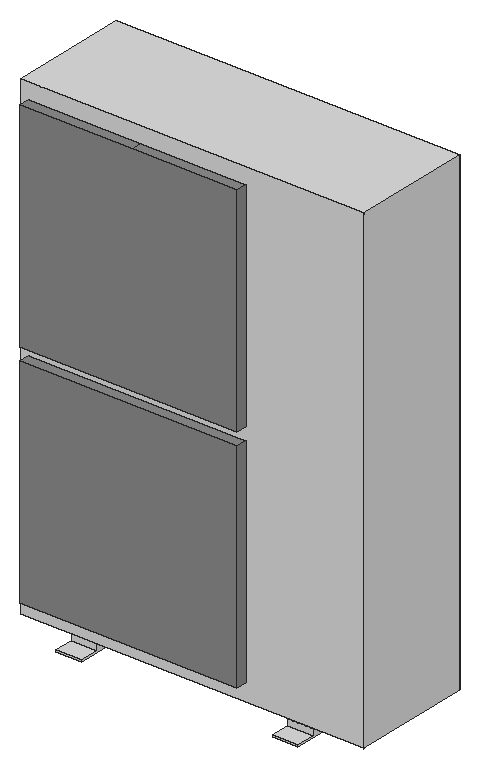
Revit family "Platinum_BC_iPlus_16_MR", category Equipos mecánicos, Revit 2019 (continued)
Lines and regions (mm)
  model lines, not visible
    curve 240: arc (-475, 25, 917) -> (-475, 27.05, 912.05) -> (-475, 32, 910) r 7
    curve 241: arc (-475, 48, 910) -> (-475, 52.95, 912.05) -> (-475, 55, 917) r 7
    curve 242: line (-475, 88, 1100) -> (-475, 72, 1100)
    curve 243: line (-475, 65, 1093) -> (-475, 65, 917)
    curve 244: line (-475, 95, 917) -> (-475, 95, 1093)
    curve 245: line (-475, 72, 910) -> (-475, 88, 910)
    curve 246: arc (-475, 72, 1100) -> (-475, 67.05, 1097.95) -> (-475, 65, 1093) r 7
    curve 247: arc (-475, 95, 1093) -> (-475, 92.95, 1097.95) -> (-475, 88, 1100) r 7
    curve 248: arc (-475, 65, 917) -> (-475, 67.05, 912.05) -> (-475, 72, 910) r 7
    curve 249: arc (-475, 88, 910) -> (-475, 92.95, 912.05) -> (-475, 95, 917) r 7
    curve 250: line (-475, -32, 900) -> (-475, -48, 900)
    curve 251: line (-475, -55, 893) -> (-475, -55, 717)
    curve 252: line (-475, -25, 717) -> (-475, -25, 893)
    curve 253: line (-475, -48, 710) -> (-475, -32, 710)
    curve 254: arc (-475, -48, 900) -> (-475, -52.95, 897.95) -> (-475, -55, 893) r 7
    curve 255: arc (-475, -25, 893) -> (-475, -27.05, 897.95) -> (-475, -32, 900) r 7
    curve 256: arc (-475, -55, 717) -> (-475, -52.95, 712.05) -> (-475, -48, 710) r 7
    curve 257: arc (-475, -32, 710) -> (-475, -27.05, 712.05) -> (-475, -25, 717) r 7
    curve 258: line (-475, 8, 900) -> (-475, -8, 900)
    curve 259: line (-475, -15, 893) -> (-475, -15, 717)
    curve 260: line (-475, 15, 717) -> (-475, 15, 893)
    curve 261: line (-475, -8, 710) -> (-475, 8, 710)
    curve 262: arc (-475, -8, 900) -> (-475, -12.95, 897.95) -> (-475, -15, 893) r 7
    curve 263: arc (-475, 15, 893) -> (-475, 12.95, 897.95) -> (-475, 8, 900) r 7
    curve 264: arc (-475, -15, 717) -> (-475, -12.95, 712.05) -> (-475, -8, 710) r 7
    curve 265: arc (-475, 8, 710) -> (-475, 12.95, 712.05) -> (-475, 15, 717) r 7
    curve 266: line (-475, 48, 900) -> (-475, 32, 900)
    curve 267: line (-475, 25, 893) -> (-475, 25, 717)
    curve 268: line (-475, 55, 717) -> (-475, 55, 893)
    curve 269: line (-475, 32, 710) -> (-475, 48, 710)
    curve 270: arc (-475, 32, 900) -> (-475, 27.05, 897.95) -> (-475, 25, 893) r 7
    curve 271: arc (-475, 55, 893) -> (-475, 52.95, 897.95) -> (-475, 48, 900) r 7
    curve 272: arc (-475, 25, 717) -> (-475, 27.05, 712.05) -> (-475, 32, 710) r 7
    curve 273: arc (-475, 48, 710) -> (-475, 52.95, 712.05) -> (-475, 55, 717) r 7
    curve 274: line (-475, 88, 900) -> (-475, 72, 900)
    curve 275: line (-475, 65, 893) -> (-475, 65, 717)
    curve 276: line (-475, 95, 717) -> (-475, 95, 893)
    curve 277: line (-475, 72, 710) -> (-475, 88, 710)
    curve 278: arc (-475, 72, 900) -> (-475, 67.05, 897.95) -> (-475, 65, 893) r 7
    curve 279: arc (-475, 95, 893) -> (-475, 92.95, 897.95) -> (-475, 88, 900) r 7
    curve 280: arc (-475, 65, 717) -> (-475, 67.05, 712.05) -> (-475, 72, 710) r 7
    curve 281: arc (-475, 88, 710) -> (-475, 92.95, 712.05) -> (-475, 95, 717) r 7
    curve 282: line (-475, -32, 700) -> (-475, -48, 700)
    curve 283: line (-475, -55, 693) -> (-475, -55, 517)
    curve 284: line (-475, -25, 517) -> (-475, -25, 693)
    curve 285: line (-475, -48, 510) -> (-475, -32, 510)
    curve 286: arc (-475, -48, 700) -> (-475, -52.95, 697.95) -> (-475, -55, 693) r 7
    curve 287: arc (-475, -25, 693) -> (-475, -27.05, 697.95) -> (-475, -32, 700) r 7
    curve 288: arc (-475, -55, 517) -> (-475, -52.95, 512.05) -> (-475, -48, 510) r 7
    curve 289: arc (-475, -32, 510) -> (-475, -27.05, 512.05) -> (-475, -25, 517) r 7
    curve 290: line (-475, 8, 700) -> (-475, -8, 700)
    curve 291: line (-475, -15, 693) -> (-475, -15, 517)
    curve 292: line (-475, 15, 517) -> (-475, 15, 693)
    curve 293: line (-475, -8, 510) -> (-475, 8, 510)
    curve 294: arc (-475, -8, 700) -> (-475, -12.95, 697.95) -> (-475, -15, 693) r 7
    curve 295: arc (-475, 15, 693) -> (-475, 12.95, 697.95) -> (-475, 8, 700) r 7
    curve 296: arc (-475, -15, 517) -> (-475, -12.95, 512.05) -> (-475, -8, 510) r 7
    curve 297: arc (-475, 8, 510) -> (-475, 12.95, 512.05) -> (-475, 15, 517) r 7
    curve 298: line (-475, 48, 700) -> (-475, 32, 700)
    curve 299: line (-475, 25, 693) -> (-475, 25, 517)
    curve 300: line (-475, 55, 517) -> (-475, 55, 693)
    curve 301: line (-475, 32, 510) -> (-475, 48, 510)
    curve 302: arc (-475, 32, 700) -> (-475, 27.05, 697.95) -> (-475, 25, 693) r 7
    curve 303: arc (-475, 55, 693) -> (-475, 52.95, 697.95) -> (-475, 48, 700) r 7
    curve 304: arc (-475, 25, 517) -> (-475, 27.05, 512.05) -> (-475, 32, 510) r 7
    curve 305: arc (-475, 48, 510) -> (-475, 52.95, 512.05) -> (-475, 55, 517) r 7
    curve 306: line (-475, -32, 500) -> (-475, -48, 500)
    curve 307: line (-475, -55, 493) -> (-475, -55, 317)
    curve 308: line (-475, -25, 317) -> (-475, -25, 493)
    curve 309: line (-475, -48, 310) -> (-475, -32, 310)
    curve 310: arc (-475, -48, 500) -> (-475, -52.95, 497.95) -> (-475, -55, 493) r 7
    curve 311: arc (-475, -25, 493) -> (-475, -27.05, 497.95) -> (-475, -32, 500) r 7
    curve 312: arc (-475, -55, 317) -> (-475, -52.95, 312.05) -> (-475, -48, 310) r 7
    curve 313: arc (-475, -32, 310) -> (-475, -27.05, 312.05) -> (-475, -25, 317) r 7
    curve 314: line (-475, 8, 500) -> (-475, -8, 500)
    curve 315: line (-475, -15, 493) -> (-475, -15, 317)
    curve 316: line (-475, 15, 317) -> (-475, 15, 493)
    curve 317: line (-475, -8, 310) -> (-475, 8, 310)
    curve 318: arc (-475, -8, 500) -> (-475, -12.95, 497.95) -> (-475, -15, 493) r 7
    curve 319: arc (-475, 15, 493) -> (-475, 12.95, 497.95) -> (-475, 8, 500) r 7
    curve 320: arc (-475, -15, 317) -> (-475, -12.95, 312.05) -> (-475, -8, 310) r 7
    curve 321: arc (-475, 8, 310) -> (-475, 12.95, 312.05) -> (-475, 15, 317) r 7
    curve 322: line (-475, 48, 500) -> (-475, 32, 500)
    curve 323: line (-475, 25, 493) -> (-475, 25, 317)
    curve 324: line (-475, 55, 317) -> (-475, 55, 493)
    curve 325: line (-475, 32, 310) -> (-475, 48, 310)
    curve 326: arc (-475, 32, 500) -> (-475, 27.05, 497.95) -> (-475, 25, 493) r 7
    curve 327: arc (-475, 55, 493) -> (-475, 52.95, 497.95) -> (-475, 48, 500) r 7
    curve 328: arc (-475, 25, 317) -> (-475, 27.05, 312.05) -> (-475, 32, 310) r 7
    curve 329: arc (-475, 48, 310) -> (-475, 52.95, 312.05) -> (-475, 55, 317) r 7
    curve 330: line (-475, 88, 500) -> (-475, 72, 500)
    curve 331: line (-475, 65, 493) -> (-475, 65, 317)
    curve 332: line (-475, 95, 317) -> (-475, 95, 493)
    curve 333: line (-475, 72, 310) -> (-475, 88, 310)
    curve 334: arc (-475, 72, 500) -> (-475, 67.05, 497.95) -> (-475, 65, 493) r 7
    curve 335: arc (-475, 95, 493) -> (-475, 92.95, 497.95) -> (-475, 88, 500) r 7
    curve 336: arc (-475, 65, 317) -> (-475, 67.05, 312.05) -> (-475, 72, 310) r 7
    curve 337: arc (-475, 88, 310) -> (-475, 92.95, 312.05) -> (-475, 95, 317) r 7
    curve 338: line (-475, -32, 300) -> (-475, -48, 300)
    curve 339: line (-475, -55, 293) -> (-475, -55, 117)
    curve 340: line (-475, -25, 117) -> (-475, -25, 293)
    curve 341: line (-475, -48, 110) -> (-475, -32, 110)
    curve 342: arc (-475, -48, 300) -> (-475, -52.95, 297.95) -> (-475, -55, 293) r 7
    curve 343: arc (-475, -25, 293) -> (-475, -27.05, 297.95) -> (-475, -32, 300) r 7
    curve 344: arc (-475, -55, 117) -> (-475, -52.95, 112.05) -> (-475, -48, 110) r 7
    curve 345: arc (-475, -32, 110) -> (-475, -27.05, 112.05) -> (-475, -25, 117) r 7
    curve 346: line (-475, 8, 300) -> (-475, -8, 300)
    curve 347: line (-475, -15, 293) -> (-475, -15, 117)
    curve 348: line (-475, 15, 117) -> (-475, 15, 293)
    curve 349: line (-475, -8, 110) -> (-475, 8, 110)
    curve 350: arc (-475, -8, 300) -> (-475, -12.95, 297.95) -> (-475, -15, 293) r 7
    curve 351: arc (-475, 15, 293) -> (-475, 12.95, 297.95) -> (-475, 8, 300) r 7
    curve 352: arc (-475, -15, 117) -> (-475, -12.95, 112.05) -> (-475, -8, 110) r 7
    curve 353: arc (-475, 8, 110) -> (-475, 12.95, 112.05) -> (-475, 15, 117) r 7
    curve 354: line (-475, 48, 300) -> (-475, 32, 300)
    curve 355: line (-475, 25, 293) -> (-475, 25, 117)
    curve 356: line (-475, 55, 117) -> (-475, 55, 293)
    curve 357: line (-475, 32, 110) -> (-475, 48, 110)
    curve 358: arc (-475, 32, 300) -> (-475, 27.05, 297.95) -> (-475, 25, 293) r 7
    curve 359: arc (-475, 55, 293) -> (-475, 52.95, 297.95) -> (-475, 48, 300) r 7
    curve 360: arc (-475, 25, 117) -> (-475, 27.05, 112.05) -> (-475, 32, 110) r 7
    curve 361: arc (-475, 48, 110) -> (-475, 52.95, 112.05) -> (-475, 55, 117) r 7
    curve 362: line (-475, 88, 300) -> (-475, 72, 300)
    curve 363: line (-475, 65, 293) -> (-475, 65, 117)
    curve 364: line (-475, 95, 117) -> (-475, 95, 293)
    curve 365: line (-475, 72, 110) -> (-475, 88, 110)
    curve 366: arc (-475, 72, 300) -> (-475, 67.05, 297.95) -> (-475, 65, 293) r 7
    curve 367: arc (-475, 95, 293) -> (-475, 92.95, 297.95) -> (-475, 88, 300) r 7
    curve 368: arc (-475, 65, 117) -> (-475, 67.05, 112.05) -> (-475, 72, 110) r 7
    curve 369: arc (-475, 88, 110) -> (-475, 92.95, 112.05) -> (-475, 95, 117) r 7
    curve 370: line (529.5, -165, 606) -> (575, -165, 606)
    curve 371: arc (522.5, -165, 599) -> (524.55, -165, 603.95) -> (529.5, -165, 606) r 7
    curve 372: line (522.5, -165, 578) -> (522.5, -165, 599)
    curve 373: arc (529.5, -165, 571) -> (524.55, -165, 573.05) -> (522.5, -165, 578) r 7
    curve 374: line (575, -165, 571) -> (529.5, -165, 571)
    curve 375: line (575, -165, 606) -> (575, -119.5, 606)
    curve 376: arc (575, -119.5, 606) -> (575, -114.55, 603.95) -> (575, -112.5, 599) r 7
    curve 377: line (575, -112.5, 599) -> (575, -112.5, 578)
    curve 378: arc (575, -112.5, 578) -> (575, -114.55, 573.05) -> (575, -119.5, 571) r 7
    curve 379: line (575, -119.5, 571) -> (575, -165, 571)
    curve 380: line (575, 119.5, 606) -> (575, 165, 606)
    curve 381: arc (575, 112.5, 599) -> (575, 114.55, 603.95) -> (575, 119.5, 606) r 7
    curve 382: line (575, 112.5, 578) -> (575, 112.5, 599)
    curve 383: arc (575, 119.5, 571) -> (575, 114.55, 573.05) -> (575, 112.5, 578) r 7
    curve 384: line (575, 165, 571) -> (575, 119.5, 571)
    curve 385: line (529.5, 165, 606) -> (575, 165, 606)
    curve 386: arc (522.5, 165, 599) -> (524.55, 165, 603.95) -> (529.5, 165, 606) r 7
    curve 387: line (522.5, 165, 578) -> (522.5, 165, 599)
    curve 388: arc (529.5, 165, 571) -> (524.55, 165, 573.05) -> (522.5, 165, 578) r 7
    curve 389: line (575, 165, 571) -> (529.5, 165, 571)
    curve 390: line (-475, 165, 606) -> (-425.58, 165, 606)
    curve 391: arc (-425.58, 165, 606) -> (-420.63, 165, 603.95) -> (-418.58, 165, 599) r 7
    curve 392: line (-418.58, 165, 599) -> (-418.58, 165, 578)
    curve 393: arc (-418.58, 165, 578) -> (-420.63, 165, 573.05) -> (-425.58, 165, 571) r 7
    curve 394: line (-425.58, 165, 571) -> (-475, 165, 571)
    curve 395: line (-475, 119.5, 606) -> (-475, 165, 606)
    curve 396: arc (-475, 112.5, 599) -> (-475, 114.55, 603.95) -> (-475, 119.5, 606) r 7
    curve 397: line (-475, 112.5, 578) -> (-475, 112.5, 599)
    curve 398: arc (-475, 119.5, 571) -> (-475, 114.55, 573.05) -> (-475, 112.5, 578) r 7
    curve 399: line (-475, 165, 571) -> (-475, 119.5, 571)
    curve 400: line (-475, -165, 606) -> (-475, -119.5, 606)
    curve 401: arc (-475, -119.5, 606) -> (-475, -114.55, 603.95) -> (-475, -112.5, 599) r 7
    curve 402: line (-475, -112.5, 599) -> (-475, -112.5, 578)
    curve 403: arc (-475, -112.5, 578) -> (-475, -114.55, 573.05) -> (-475, -119.5, 571) r 7
    curve 404: line (-475, -119.5, 571) -> (-475, -165, 571)
    curve 405: line (-475, -165, 606) -> (-429.5, -165, 606)
    curve 406: arc (-429.5, -165, 606) -> (-424.55, -165, 603.95) -> (-422.5, -165, 599) r 7
    curve 407: line (-422.5, -165, 599) -> (-422.5, -165, 578)
    curve 408: arc (-422.5, -165, 578) -> (-424.55, -165, 573.05) -> (-429.5, -165, 571) r 7
    curve 409: line (-429.5, -165, 571) -> (-475, -165, 571)
Dimensions and locks
  "Distancia Trasera Valor": plane 8 to plane 4
  locked: plane 10 to plane 9 at 635
  locked: plane 9 to level at 371
  "Altura": plane 11 to level
  locked: plane 12 to level at 23
  "Anchura": plane 15 to plane 14
  equal spacing: plane 15, plane 3 "Center (Left/Right)", plane 14
  "Profundidad": plane 4 to plane 6
  locked: plane 16 to plane 15 at 322
  locked: Extrusion 23 to plane 17 at 600
  locked: plane 23 to level at 431
  locked: plane 24 to level at 447
  "Distancia lateral Izq. Valor": plane 26 to plane 15
  locked: plane 35 to level at 1079
  radius of Extrusion 4 sketch curve = 7.940 mm
  radius of Extrusion 3 sketch curve = 4.760 mm
  diameter of Extrusion 19 sketch curve = 15.900 mm
  diameter of Extrusion 18 sketch curve = 9.530 mm
  aligned and locked: level to plane 2
  aligned and locked: Extrusion 17 to Extrusion 21
  aligned and locked: plane 14 to Extrusion 21
  aligned and locked: plane 14 to Extrusion 17
  aligned and locked: plane 11 to Extrusion 21
  aligned and locked: Extrusion 22 to Extrusion 23  (x2)
  aligned and locked: Extrusion 22 sketch curve to Extrusion 23  (x2)
  aligned and locked: plane 13 to Extrusion 23
  aligned and locked: plane 13 to Extrusion 22
  aligned and locked: plane 17 to Extrusion 23  (x2)
  aligned and locked: plane 17 to Extrusion 22
  aligned and locked: nested 2 to plane 18
  aligned and locked: nested 1 to plane 19
  aligned and locked: plane 6 to Extrusion 24
  aligned and locked: curve 618 to curve 432
  aligned and locked: curve 1 to curve 618
  aligned and locked: curve 1 to curve 688
  aligned and locked: plane 12 to Extrusion 25
  aligned and locked: plane 3 "Center (Left/Right)" to nested 3
  aligned and locked: nested 3 to plane 4
Automatic sketch dimensions
  plane 28 to curve 749 = 4.288 mm
  plane 28 to curve 747 = 2.288 mm
  curve 751 to curve 751 = 2.000 mm
  curve 756 to plane 25 = 5.712 mm
  curve 752 to plane 25 = 5.712 mm
  curve 753 to curve 754 = 2.000 mm
  plane 24 to curve 747 = 210.158 mm
  curve 755 to curve 754 = 5.158 mm
  curve 749 to curve 750 = 5.158 mm
  curve 754 to curve 754 = 20.842 mm
  plane 17 to curve 411 = 14.846 mm
  curve 411 to plane 11 = 12.000 mm
  plane 12 to curve 411 = 3.000 mm
  curve 1 to plane 15 = 0.000 mm
  curve 1 to plane 14 = 0.000 mm
  curve 618 to plane 6 = 0.000 mm
  curve 433 to plane 12 = 0.000 mm
  curve 618 to plane 4 = 0.000 mm
  curve 434 to plane 11 = 27.937 mm
  plane 7 to curve 434 = 54.000 mm
  plane 7 to curve 714 = 54.000 mm
  curve 575 to curve 714 = 0.000 mm
  curve 543 to curve 575 = 0.000 mm
  curve 519 to curve 543 = 0.000 mm
  curve 487 to curve 522 = 0.000 mm
  curve 455 to curve 487 = 0.000 mm
  curve 546 to curve 542 = 7.000 mm
  curve 524 to curve 524 = 7.000 mm
  curve 548 to curve 545 = 7.000 mm
  curve 719 to curve 719 = 7.000 mm
  curve 490 to curve 490 = 7.000 mm
  curve 717 to curve 717 = 7.000 mm
  curve 492 to curve 489 = 7.000 mm
  curve 434 to curve 436 = 7.000 mm
  curve 522 to curve 522 = 7.000 mm
  curve 458 to curve 454 = 7.000 mm
  curve 578 to curve 574 = 7.000 mm
  curve 460 to curve 457 = 7.000 mm
  curve 580 to curve 577 = 7.000 mm
  curve 434 to curve 606 = 7.000 mm
  curve 492 to curve 493 = 16.000 mm
  curve 606 to curve 606 = 16.000 mm
  curve 580 to curve 581 = 16.000 mm
  curve 460 to curve 461 = 16.000 mm
  curve 437 to curve 438 = 16.000 mm
  curve 486 to curve 457 = 0.000 mm
  curve 518 to curve 489 = 0.000 mm
  curve 578 to curve 579 = 16.000 mm
  curve 548 to curve 549 = 16.000 mm
  curve 458 to curve 459 = 16.000 mm
  curve 524 to curve 521 = 16.000 mm
  curve 713 to curve 581 = 0.000 mm
  curve 719 to curve 716 = 16.000 mm
  curve 546 to curve 547 = 16.000 mm
  curve 549 to curve 544 = 7.000 mm
  curve 581 to curve 576 = 7.000 mm
  curve 523 to curve 520 = 7.000 mm
  curve 459 to curve 456 = 7.000 mm
  curve 493 to curve 488 = 7.000 mm
  curve 720 to curve 715 = 7.000 mm
  curve 608 to curve 435 = 7.000 mm
  curve 525 to curve 527 = 10.000 mm
  curve 435 to curve 439 = 10.000 mm
  curve 576 to curve 583 = 10.000 mm
  curve 544 to curve 551 = 10.000 mm
  curve 456 to curve 463 = 10.000 mm
  curve 715 to curve 706 = 10.000 mm
  curve 488 to curve 495 = 10.000 mm
  curve 439 to curve 610 = 7.000 mm
  curve 463 to curve 468 = 7.000 mm
  plane 1 "Center (Front/Back)" to curve 529 = 8.000 mm
  curve 527 to curve 530 = 7.000 mm
  curve 583 to curve 586 = 7.000 mm
  curve 463 to curve 466 = 7.000 mm
  curve 551 to curve 556 = 7.000 mm
  curve 495 to curve 500 = 7.000 mm
  plane 1 "Center (Front/Back)" to curve 441 = 8.000 mm
  curve 495 to curve 498 = 7.000 mm
  curve 706 to curve 711 = 7.000 mm
  plane 1 "Center (Front/Back)" to curve 550 = 8.000 mm
  plane 1 "Center (Front/Back)" to curve 585 = 8.000 mm
  curve 706 to curve 709 = 7.000 mm
  curve 553 to plane 1 "Center (Front/Back)" = 8.000 mm
  curve 705 to plane 1 "Center (Front/Back)" = 8.000 mm
  curve 708 to plane 1 "Center (Front/Back)" = 8.000 mm
  curve 587 to plane 1 "Center (Front/Back)" = 8.000 mm
  curve 550 to plane 1 "Center (Front/Back)" = 8.000 mm
  curve 441 to plane 1 "Center (Front/Back)" = 8.000 mm
  curve 589 to plane 1 "Center (Front/Back)" = 8.000 mm
  curve 526 to plane 1 "Center (Front/Back)" = 8.000 mm
  curve 467 to plane 1 "Center (Front/Back)" = 8.000 mm
  curve 611 to plane 1 "Center (Front/Back)" = 8.000 mm
  curve 465 to plane 1 "Center (Front/Back)" = 8.000 mm
  curve 529 to plane 1 "Center (Front/Back)" = 8.000 mm
  curve 501 to plane 1 "Center (Front/Back)" = 8.000 mm
  curve 499 to plane 1 "Center (Front/Back)" = 8.000 mm
  curve 587 to curve 584 = 7.000 mm
  curve 710 to curve 707 = 7.000 mm
  curve 555 to curve 552 = 7.000 mm
  curve 467 to curve 464 = 7.000 mm
  curve 611 to curve 440 = 7.000 mm
  curve 531 to curve 528 = 7.000 mm
  curve 501 to curve 496 = 7.000 mm
  curve 707 to curve 698 = 10.000 mm
  curve 440 to curve 444 = 10.000 mm
  curve 584 to curve 591 = 10.000 mm
  curve 496 to curve 503 = 10.000 mm
  curve 528 to curve 535 = 10.000 mm
  curve 464 to curve 471 = 10.000 mm
  curve 552 to curve 559 = 10.000 mm
  curve 559 to curve 558 = 7.000 mm
  curve 503 to curve 506 = 7.000 mm
  curve 447 to curve 446 = 7.000 mm
  curve 508 to curve 505 = 7.000 mm
  curve 559 to curve 561 = 7.000 mm
  curve 591 to curve 590 = 7.000 mm
  curve 698 to curve 703 = 7.000 mm
  curve 476 to curve 473 = 7.000 mm
  curve 698 to curve 701 = 7.000 mm
  curve 471 to curve 474 = 7.000 mm
  curve 444 to curve 612 = 7.000 mm
  curve 538 to curve 534 = 7.000 mm
  curve 535 to curve 540 = 7.000 mm
  curve 591 to curve 596 = 7.000 mm
  curve 595 to plane 27 = 6.000 mm
  curve 470 to plane 27 = 6.000 mm
  curve 446 to plane 27 = 6.000 mm
  curve 597 to plane 27 = 6.000 mm
  curve 565 to plane 27 = 6.000 mm
  curve 563 to plane 27 = 6.000 mm
  curve 473 to plane 27 = 6.000 mm
  curve 612 to plane 27 = 6.000 mm
  curve 541 to plane 27 = 6.000 mm
  curve 539 to plane 27 = 6.000 mm
  curve 697 to plane 27 = 6.000 mm
  curve 700 to plane 27 = 6.000 mm
  curve 509 to plane 27 = 6.000 mm
  curve 507 to plane 27 = 6.000 mm
  plane 27 to curve 592 = 1.000 mm
  plane 27 to curve 472 = 1.000 mm
  plane 27 to curve 560 = 1.000 mm
  plane 27 to curve 699 = 1.000 mm
  plane 27 to curve 445 = 1.000 mm
  plane 27 to curve 504 = 1.000 mm
  plane 27 to curve 536 = 1.000 mm
  curve 699 to curve 690 = 10.000 mm
  curve 445 to curve 449 = 10.000 mm
  curve 504 to curve 511 = 10.000 mm
  curve 472 to curve 479 = 10.000 mm
  curve 560 to curve 567 = 10.000 mm
  curve 597 to curve 599 = 10.000 mm
  curve 511 to curve 514 = 7.000 mm
  curve 570 to curve 566 = 7.000 mm
  curve 452 to curve 451 = 7.000 mm
  curve 572 to curve 569 = 7.000 mm
  curve 479 to curve 478 = 7.000 mm
  curve 449 to curve 615 = 7.000 mm
  curve 511 to curve 516 = 7.000 mm
  curve 479 to curve 484 = 7.000 mm
  curve 690 to curve 689 = 7.000 mm
  curve 599 to curve 604 = 7.000 mm
  curve 690 to curve 692 = 7.000 mm
  curve 599 to curve 598 = 7.000 mm
  curve 452 to curve 453 = 16.000 mm
  curve 695 to curve 696 = 16.000 mm
  curve 601 to curve 601 = 16.000 mm
  curve 693 to curve 694 = 16.000 mm
  curve 598 to curve 598 = 16.000 mm
  curve 484 to curve 481 = 16.000 mm
  curve 482 to curve 483 = 16.000 mm
  curve 570 to curve 571 = 16.000 mm
  curve 510 to curve 481 = 0.000 mm
  curve 516 to curve 517 = 16.000 mm
  curve 616 to curve 617 = 16.000 mm
  curve 572 to curve 573 = 16.000 mm
  curve 517 to curve 512 = 7.000 mm
  curve 483 to curve 480 = 7.000 mm
  curve 696 to curve 691 = 7.000 mm
  curve 573 to curve 568 = 7.000 mm
  curve 617 to curve 450 = 7.000 mm
  curve 603 to curve 600 = 7.000 mm
  plane 12 to curve 708 = 45.063 mm
  plane 12 to curve 692 = 45.063 mm
  curve 700 to curve 690 = 7.000 mm
  curve 716 to curve 706 = 7.000 mm
  curve 695 to curve 693 = 47.000 mm
  curve 706 to curve 706 = 47.000 mm
  curve 702 to curve 690 = 0.000 mm
  curve 714 to curve 706 = 0.000 mm
  curve 709 to curve 585 = 10.000 mm
  curve 701 to curve 593 = 10.000 mm
  curve 718 to curve 577 = 10.000 mm
  curve 694 to curve 601 = 10.000 mm
  curve 578 to plane 9 = 48.937 mm
  curve 591 to plane 9 = 48.937 mm
  curve 592 to curve 603 = 0.000 mm
  curve 587 to curve 594 = 0.000 mm
  curve 582 to curve 553 = 10.000 mm
  curve 590 to curve 561 = 10.000 mm
  curve 574 to curve 545 = 10.000 mm
  curve 598 to curve 569 = 10.000 mm
  plane 24 to curve 554 = 75.063 mm
  curve 552 to curve 559 = 0.000 mm
  curve 563 to curve 567 = 0.000 mm
  curve 547 to curve 551 = 0.000 mm
  curve 550 to curve 529 = 10.000 mm
  curve 542 to curve 521 = 10.000 mm
  curve 558 to curve 537 = 10.000 mm
  curve 535 to curve 535 = 176.000 mm
  curve 523 to curve 535 = 0.000 mm
  curve 528 to curve 535 = 0.000 mm
  curve 534 to curve 505 = 10.000 mm
  curve 526 to curve 497 = 10.000 mm
  curve 513 to curve 504 = 7.000 mm
  curve 518 to curve 489 = 10.000 mm
  curve 487 to plane 10 = 83.937 mm
  curve 488 to curve 503 = 0.000 mm
  curve 499 to curve 503 = 0.000 mm
  curve 504 to curve 514 = 0.000 mm
  curve 486 to curve 457 = 10.000 mm
  curve 494 to curve 465 = 10.000 mm
  curve 502 to curve 473 = 10.000 mm
  curve 510 to curve 481 = 10.000 mm
  plane 10 to curve 466 = 116.063 mm
  curve 464 to curve 483 = 0.000 mm
  curve 464 to curve 471 = 0.000 mm
  curve 455 to curve 463 = 0.000 mm
  curve 478 to curve 451 = 10.000 mm
  curve 454 to curve 436 = 10.000 mm
  curve 462 to curve 441 = 10.000 mm
  curve 470 to curve 446 = 10.000 mm
  curve 450 to plane 11 = 27.937 mm
  curve 613 to plane 11 = 27.937 mm
  curve 611 to curve 444 = 0.000 mm
  plane 7 to curve 433 = 41.977 mm
  curve 432 to plane 14 = 0.000 mm
  curve 432 to plane 15 = 0.000 mm
  curve 769 to plane 15 = 0.000 mm
  curve 767 to plane 15 = 0.000 mm
  plane 28 to curve 759 = 4.288 mm
  curve 760 to curve 761 = 2.000 mm
  curve 758 to curve 758 = 2.000 mm
  curve 743 to curve 742 = 20.825 mm
  curve 763 to plane 25 = 5.712 mm
  curve 766 to plane 25 = 5.712 mm
  curve 763 to curve 765 = 2.000 mm
  plane 20 to curve 620 = 31.580 mm
  plane 20 to curve 652 = 31.580 mm
  curve 628 to curve 625 = 0.000 mm
  curve 636 to curve 633 = 0.000 mm
  curve 652 to curve 644 = 0.000 mm
  plane 20 to curve 662 = 31.580 mm
  curve 636 to curve 641 = 7.000 mm
  curve 663 to curve 663 = 7.000 mm
  curve 628 to curve 630 = 7.000 mm
  curve 620 to curve 621 = 7.000 mm
  curve 636 to curve 638 = 7.000 mm
  curve 662 to curve 659 = 7.000 mm
  curve 644 to curve 645 = 7.000 mm
  curve 644 to curve 648 = 7.000 mm
  curve 652 to curve 657 = 7.000 mm
  curve 625 to curve 624 = 7.000 mm
  curve 628 to curve 633 = 7.000 mm
  curve 652 to curve 653 = 7.000 mm
  plane 20 to curve 655 = 8.580 mm
  plane 20 to curve 656 = 8.580 mm
  plane 20 to curve 650 = 8.580 mm
  plane 20 to curve 647 = 8.580 mm
  plane 20 to curve 659 = 8.580 mm
  plane 20 to curve 660 = 8.580 mm
  plane 20 to curve 642 = 8.580 mm
  plane 20 to curve 621 = 8.580 mm
  plane 20 to curve 639 = 8.580 mm
  plane 20 to curve 634 = 8.580 mm
  plane 20 to curve 631 = 8.580 mm
  plane 20 to curve 624 = 8.580 mm
  plane 20 to curve 661 = 1.580 mm
  plane 20 to curve 651 = 1.580 mm
  plane 20 to curve 643 = 1.580 mm
  plane 20 to curve 635 = 1.580 mm
  plane 20 to curve 627 = 1.580 mm
  plane 20 to curve 619 = 1.580 mm
  curve 767 to plane 20 = 6.420 mm
  plane 12 to curve 659 = 45.063 mm
  plane 12 to curve 742 = 105.887 mm
  curve 661 to curve 661 = 47.000 mm
  curve 664 to curve 656 = 10.000 mm
  curve 652 to plane 9 = 48.937 mm
  curve 653 to curve 648 = 10.000 mm
  plane 24 to curve 646 = 75.063 mm
  curve 645 to curve 768 = 88.065 mm
  plane 24 to curve 757 = 180.158 mm
  curve 759 to curve 760 = 20.842 mm
  curve 765 to curve 765 = 20.842 mm
  curve 759 to curve 760 = 5.158 mm
  curve 767 to curve 769 = 50.029 mm
  curve 768 to curve 640 = 71.905 mm
  curve 638 to plane 10 = 83.937 mm
  curve 637 to curve 632 = 10.000 mm
  plane 10 to curve 630 = 116.063 mm
  curve 629 to curve 624 = 10.000 mm
  curve 620 to plane 11 = 27.937 mm
  curve 742 to plane 25 = 21.728 mm
  curve 743 to curve 742 = 0.000 mm
  curve 429 to plane 19 = 35.000 mm
  plane 29 to curve 410 = 32.000 mm
  curve 427 to plane 31 = 27.000 mm
  plane 16 to curve 417 = 2.000 mm
  curve 428 to curve 638 = 32.000 mm
  curve 426 to curve 425 = 8.000 mm
  plane 12 to curve 412 = 31.000 mm
  curve 412 to curve 415 = 8.000 mm
  curve 431 to curve 654 = 55.063 mm
  plane 24 to curve 430 = 25.000 mm
  curve 763 to curve 429 = 21.842 mm
  curve 428 to curve 638 = 40.063 mm
  plane 10 to curve 414 = 81.000 mm
  curve 417 to plane 11 = 58.000 mm
  curve 432 to plane 11 = 12.000 mm
  plane 5 to Extrusion 18 sketch curve = 4.000 mm
  Extrusion 18 sketch curve to plane 25 = 11.000 mm
  plane 7 to Extrusion 19 sketch curve = 2.000 mm
  Extrusion 17 to curve 418 = 178.000 mm
  curve 418 to curve 419 = 0.000 mm
  curve 418 to curve 419 = 20.000 mm
  Extrusion 20 sketch curve to Extrusion 20 sketch curve = 150.000 mm
  Extrusion 17 to Extrusion 20 sketch curve = 245.666 mm
  Extrusion 20 sketch curve to Extrusion 20 sketch curve = 50.667 mm
  Extrusion 22 sketch curve to Extrusion 22 sketch curve = 0.000 mm
  Extrusion 22 sketch curve to Extrusion 22 sketch curve = 35.000 mm
  Extrusion 17 to Extrusion 22 sketch curve = 48.000 mm
  Extrusion 23 sketch curve to plane 17 = 0.000 mm  (x2)
  plane 16 to Extrusion 23 sketch curve = 10.685 mm
  plane 15 to Extrusion 23 sketch curve = 22.000 mm  (x2)
  Extrusion 23 sketch curve to plane 11 = 44.000 mm
  Extrusion 23 sketch curve to Extrusion 23 sketch curve = 35.000 mm
  plane 12 to Extrusion 23 sketch curve = 48.000 mm
  curve 688 to plane 6 = 0.000 mm
  curve 423 to plane 6 = 0.000 mm
  curve 424 to plane 6 = 0.000 mm
  curve 422 to plane 1 "Center (Front/Back)" = 0.000 mm
  curve 424 to plane 4 = 0.000 mm
  curve 688 to plane 4 = 0.000 mm
  curve 423 to plane 4 = 0.000 mm
  curve 424 to plane 9 = 170.000 mm
  curve 423 to curve 424 = 20.000 mm
  plane 12 to curve 422 = 3.000 mm
  curve 677 to plane 20 = 11.289 mm
  plane 22 to curve 685 = 1.016 mm
  curve 685 to plane 20 = 11.289 mm
  curve 670 to plane 5 = 2.984 mm
  curve 670 to plane 20 = 11.289 mm
  curve 672 to plane 20 = 4.289 mm
  curve 671 to plane 20 = 4.289 mm
  curve 673 to plane 20 = 4.289 mm
  curve 686 to plane 20 = 4.289 mm
  curve 687 to plane 20 = 4.289 mm
  curve 744 to plane 20 = 4.289 mm
  curve 680 to plane 27 = 3.984 mm
  curve 745 to plane 5 = 2.984 mm
  plane 27 to curve 682 = 3.016 mm
  plane 7 to curve 668 = 52.016 mm
  curve 667 to curve 673 = 10.000 mm
  curve 677 to curve 680 = 17.000 mm
  Extrusion 24 sketch curve to plane 20 = 22.132 mm  (x2)
  Extrusion 24 sketch curve to Extrusion 24 sketch curve = 2.000 mm  (x6)
  Extrusion 24 sketch curve to plane 18 = 52.712 mm  (x2)
  Extrusion 24 sketch curve to Extrusion 24 sketch curve = 0.000 mm  (x2)
  plane 24 to Extrusion 24 sketch curve = 180.158 mm
  Extrusion 24 sketch curve to Extrusion 24 sketch curve = 20.842 mm  (x4)
  Extrusion 24 sketch curve to Extrusion 24 sketch curve = 5.158 mm  (x2)
  Extrusion 24 sketch curve to plane 11 = 87.842 mm
  curve 771 to plane 4 = 0.000 mm
  curve 770 to plane 4 = 0.000 mm
  curve 770 to plane 22 = 7.000 mm
  plane 24 to curve 772 = 170.128 mm
  curve 770 to curve 772 = 50.029 mm
  curve 425 to plane 12 = 0.000 mm
  curve 416 to plane 12 = 0.000 mm
  curve 413 to plane 12 = 0.000 mm
  curve 426 to plane 12 = 0.000 mm
  Extrusion 21 sketch curve to plane 15 = 0.000 mm
  Extrusion 21 sketch curve to plane 6 = 0.000 mm
  Extrusion 21 sketch curve to plane 4 = 0.000 mm
  Extrusion 21 sketch curve to plane 14 = 0.000 mm
  plane 15 to Extrusion 21 sketch curve = 0.500 mm
  Extrusion 21 sketch curve to Extrusion 21 sketch curve = 0.500 mm  (x2)
  plane 6 to Extrusion 21 sketch curve = 0.500 mm
  Extrusion 17 sketch curve to plane 15 = 0.000 mm
  Extrusion 17 sketch curve to plane 4 = 0.000 mm
  Extrusion 17 sketch curve to plane 6 = 0.000 mm
  Extrusion 17 sketch curve to plane 14 = 0.000 mm
  plane 6 to Extrusion 17 sketch curve = 0.500 mm
  plane 15 to Extrusion 17 sketch curve = 0.500 mm
  Extrusion 17 sketch curve to plane 14 = 0.500 mm  (x2)
  Extrusion 17 to curve 418 = 0.500 mm
  Extrusion 17 to curve 419 = 0.500 mm
  curve 419 to Extrusion 17 = 312.654 mm
  Extrusion 20 sketch curve to Extrusion 17 = 154.500 mm
  Extrusion 22 sketch curve to Extrusion 17 = 327.500 mm
  Extrusion 22 sketch curve to Extrusion 17 = 21.500 mm  (x2)
  Extrusion 25 sketch curve to plane 27 = 0.000 mm
  Extrusion 25 sketch curve to plane 20 = 26.420 mm
  curve 741 to plane 12 = 0.000 mm
  curve 729 to plane 28 = 0.000 mm
  curve 728 to plane 28 = 0.000 mm
  curve 733 to plane 28 = 0.000 mm
  curve 724 to plane 28 = 0.000 mm
  curve 737 to plane 28 = 0.000 mm
  curve 420 to plane 14 = 0.000 mm
  curve 421 to plane 14 = 0.000 mm
  curve 731 to plane 25 = 12.000 mm
  curve 729 to curve 728 = 0.000 mm
  curve 733 to curve 731 = 0.000 mm
  curve 725 to curve 724 = 0.000 mm
  curve 737 to curve 735 = 0.000 mm
  curve 722 to plane 9 = 104.000 mm
  curve 721 to curve 724 = 15.000 mm
  curve 722 to curve 726 = 5.000 mm
  curve 725 to curve 728 = 15.000 mm
  curve 727 to curve 729 = 5.000 mm
  curve 729 to curve 732 = 15.000 mm
  curve 730 to curve 734 = 5.000 mm
  curve 733 to curve 736 = 15.000 mm
  curve 734 to curve 738 = 5.000 mm
  curve 740 to plane 9 = 9.000 mm
  curve 420 to curve 421 = 9.149 mm
  curve 741 to plane 25 = 21.728 mm
  curve 741 to curve 741 = 105.887 mm
  curve 420 to curve 721 = 86.000 mm
  curve 420 to curve 421 = 20.000 mm
  plane 24 to Extrusion 23 sketch curve = 259.000 mm
  plane 25 to curve 420 = 30.500 mm
  curve 743 to plane 28 = 15.675 mm
  curve 743 to curve 742 = 9.149 mm
  Extrusion 19 sketch curve to plane 28 = 12.000 mm
  curve 667 to plane 28 = 21.131 mm
  curve 676 to curve 669 = 0.000 mm
  curve 680 to plane 28 = 21.131 mm
  curve 681 to curve 683 = 7.000 mm
  curve 745 to plane 28 = 21.131 mm
  curve 675 to curve 680 = 0.000 mm
  curve 675 to curve 674 = 7.000 mm
  radius of Extrusion 25 sketch curve = 16.500 mm
Nested families
  nested 1: "Leg" at (300, -9.15, 0) x (0, -1, 0) z (0, 0, 1), type "Leg"
  nested 2: "Leg" at (-300, -9.15, 0) x (0, -1, 0) z (0, 0, 1), type "Leg"
  nested 3: "Service Space" at (0, 165, 0), Show Service Area <- "Area Mantenimiento", visible <- "Area Mantenimiento", type "Service Space"
    with Show Service Area no
Connectors
  piping at (433, -109, 431), diameter 15.9, driven by "Diametro gas refrigerante"
    settings: on Extrusion 19, index 7, connector inside diameter 609.6 mm, connector length 0.000 mm, flow factor 0, pipe flow 0.0 L/s, pressure drop 0.0 Pa, fitting loss kfactor 0, connector angle 0.00°, fixture units 0, engagement length 0.000 mm, angle of deflection 0.00°, flow configuration 0, flow direction 0, fitting loss method 0, system type 29, joint type 0, gender type 0, connector reference index -1, connector utility 0, adjustable connector no, is connector primary yes, connector description "Freon2"
  piping at (367, -120, 447), diameter 9.53, driven by "Diametro Liquido Refrigerante"
    settings: on Extrusion 18, index 8, connector inside diameter 609.6 mm, connector length 0.000 mm, flow factor 0, pipe flow 0.0 L/s, pressure drop 0.0 Pa, fitting loss kfactor 0, connector angle 0.00°, fixture units 0, engagement length 0.000 mm, angle of deflection 0.00°, flow configuration 0, flow direction 0, fitting loss method 0, system type 29, joint type 0, gender type 0, connector reference index -1, connector utility 0, adjustable connector no, is connector primary no, connector description "Freon1"
  electrical at (245, -165, 1079), driven by "Phase", driven by "Voltage"
    settings: on Extrusion 20, index 9, voltage 230.002 V, apparent load 0 VA, apparent load phase1 0 VA, apparent load phase2 0 VA, apparent load phase3 0 VA, power factor 1, load classification "Other", number of poles 1, system type 30, power factor state 1, is connector primary yes, connector utility no, sub classification motor no, connector description "Power - Balanced"
  piping at (-445, 54, 12), diameter 32, driven by "Diametro drenaje"
    settings: on Extrusion 25, index 10, connector inside diameter 609.6 mm, connector length 0.000 mm, flow factor 0, pipe flow 0.0 L/s, pressure drop 0.0 Pa, fitting loss kfactor 0, connector angle 0.00°, fixture units 0, engagement length 0.000 mm, angle of deflection 0.00°, flow configuration 3, flow direction 2, fitting loss method 0, system type 16, joint type 0, gender type 0, connector reference index -1, connector utility 0, adjustable connector no, is connector primary no, connector description "Drain"
Definition of nested family "Leg"
  Parameters (values of type "Leg")
    Watermarked By = ""
    Type Comments = "﻿﻿                           ​​               ​  ​     ﻿         ﻿      ​                         ​     ​              ​         ﻿﻿   ﻿       ​            ​  ​  ​                      ﻿﻿"
    Keynote = "﻿﻿                           ​​               ​  ​     ﻿         ﻿      ​                         ​     ​              ​         ﻿﻿   ﻿       ​            ​  ​  ​                      ﻿﻿"
    Description = "﻿﻿                           ​​               ​  ​     ﻿         ﻿      ​                         ​     ​              ​         ﻿﻿   ﻿       ​            ​  ​  ​                      ﻿﻿"
    Assembly Code = "﻿﻿                           ​​               ​  ​     ﻿         ﻿      ​                         ​     ​              ​         ﻿﻿   ﻿       ​            ​  ​  ​                      ﻿﻿"
  Reference planes
    plane 1 "Center (Front/Back)": y = 0
    plane 2: z = 0
    plane 3 "Center (Left/Right)": x = 0
    plane 4: z = 23
  Forms (mm)
    Extrusion 1, solid, detail levels fine
      sketch origin (0, 0, 0) x (1, 0, 0) y (0, 0, 1)
        loop
          line (-174.15, 5) -> (-208.15, 5) -> (-208.15, 0) -> (208.85, 0) -> (208.85, 5) -> (155.85, 5) -> (155.85, 23) -> (-174.15, 23) -> (-174.15, 5)
      from -35 to 35
    Extrusion 2, solid, detail levels coarse+medium
      sketch origin (0, 0, 0) x (1, 0, 0) y (0, 0, 1)
        loop
          line (-208.15, 5) -> (-208.15, 0) -> (208.85, 0) -> (208.85, 5) -> (155.85, 5) -> (155.85, 23) -> (-174.15, 23) -> (-174.15, 5) -> (-208.15, 5)
      from -35 to 35
  Dimensions and locks
    locked: plane 4 to level at 23
    aligned and locked: level to plane 2
    aligned and locked: Extrusion 2 sketch curve to plane 2
    aligned and locked: plane 4 to Extrusion 2
    aligned and locked: plane 4 to Extrusion 1
Definition of nested family "Service Space"
  Parameters (values of type "Service Space")
    Width = 330.000 mm
    Watermarked By = "www.stabiplan.com"
    URL = "www.stabiplan.com"
    Type Comments = "﻿﻿                           ​​               ​  ​     ﻿         ﻿      ​                         ​     ​              ​         ﻿﻿   ﻿       ​            ​  ​  ​                      ﻿﻿"
    Show Service Area [instance] = yes
    Top Clearance = 100.000 mm
    Right Clearance = 350.000 mm
    Left Clearance = 10.000 mm
    Keynote = "﻿﻿                           ​​               ​  ​     ﻿         ﻿      ​                         ​     ​              ​         ﻿﻿   ﻿       ​            ​  ​  ​                      ﻿﻿"
    Glass = none
    Front Clearance = 500.000 mm
    Bottom Clearance = 0.000 mm
    Model = ""
    Manufacturer = ""
    Length = 950.000 mm
    Height = 943.000 mm
    Description = "﻿﻿                           ​​               ​  ​     ﻿         ﻿      ​                         ​     ​              ​         ﻿﻿   ﻿       ​            ​  ​  ​                      ﻿﻿"
    Manufacturer URL = ""
    Copyright = "© Stabiplan BV / Stabiplan International BV"  # constant formula
    Back Clearance = 100.000 mm
    Assembly Code = "﻿﻿                           ​​               ​  ​     ﻿         ﻿      ​                         ​     ​              ​         ﻿﻿   ﻿       ​            ​  ​  ​                      ﻿﻿"
  Reference planes
    plane 1 "Center (Front/Back)": y = 0
    plane 2: z = 0
    plane 3 "Center (Left/Right)": x = 0
    plane 4: x = 475
    plane 5: x = -475
    plane 6: y = -330
    plane 7: z = 0
    plane 8: z = 943
    plane 9: y = 100
    plane 10: z = 986
    plane 11: z = 964.5
    plane 12: x = -470
    plane 13: x = 470
    plane 14: z = -20
    plane 15: y = -830
    plane 16: x = 825
    plane 17: x = -485
    plane 18: z = 1043
    plane 19: x = 325
  Forms (mm)
    Extrusion 1, solid, material <- "Glass", visible <- "Show Service Area"
      sketch origin (0, 0, 0) x (1, 0, 0) y (0, 1, 0)
        loop
          line (-485, 100) -> (-485, -830) -> (825, -830) -> (825, 100) -> (-485, 100)
      from 0 to 1043
  Dimensions and locks
    equal spacing: plane 5, plane 3 "Center (Left/Right)", plane 4
    "Length": plane 5 to plane 4
    "Width": plane 6 to plane 1 "Center (Front/Back)"
    "Bottom Clearance": plane 7 to plane 2
    "Height": plane 8 to plane 7
    "Back Clearance": plane 9 to plane 1 "Center (Front/Back)"
    locked: plane 10 to plane 8 at 43
    equal spacing: plane 10, plane 11, plane 8
    locked: plane 12 to plane 5 at 5
    locked: plane 13 to plane 4 at 5
    locked: plane 7 to plane 14 at 20
    "Front Clearance": plane 6 to plane 15
    "Right Clearance": plane 16 to plane 4
    "Left Clearance": plane 17 to plane 5
    "Top Clearance": plane 18 to plane 8
    plane 19 to plane 16 = 500.000 mm
    plane 6 to plane 15 = 500.000 mm
    plane 1 "Center (Front/Back)" to plane 9 = 100.000 mm
    aligned and locked: level to plane 2
    aligned and locked: Extrusion 1 to plane 18
  Automatic sketch dimensions
    plane 9 to Extrusion 1 sketch curve = 0.000 mm
    Extrusion 1 sketch curve to plane 17 = 0.000 mm
    plane 15 to Extrusion 1 sketch curve = 0.000 mm
    Extrusion 1 sketch curve to plane 16 = 0.000 mm
